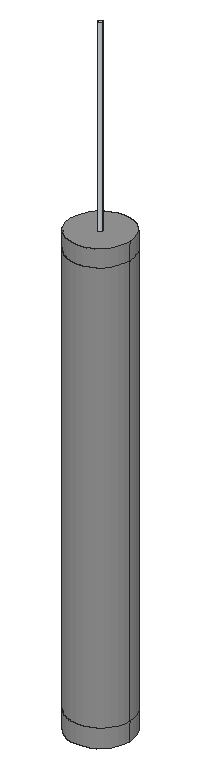
Revit family "LIBRETA_4000K_4400LM_30W_600MM", category Lighting Fixtures, host Ceiling, Revit 2021
Family settings
  Host = Ceiling
  Round Connector Dimension = Use Diameter
  Part Type = Normal
  OmniClass Number = 23.80.70.11
  OmniClass Title = Luminaries for Internal Lighting
  Always vertical = Yes
  Cut with Voids When Loaded = No
  Light Source = Yes
  Shared = No
  Room Calculation Point = No
Parameters (values of type "Type 1")
  Wattage = 29.6213 W
  built-in parameter 1150110 = 1 (stored number, unit not read)
  Type de lampe = "LED Epistar 2835"
  Type = "Suspension tubulaire"
  built-in parameter 1114217 = 1 (stored number, unit not read)
  Tilt Angle = 90.00°
  built-in parameter 1150109 = 1 (stored number, unit not read)
  built-in parameter 1150134 = 12
  built-in parameter 1150113 = 1 (stored number, unit not read)
  SDCM = "<4"
  Puissance nominale = "30W"
  Photometric Web File = "google_eulumdat_converter (11).ies"
  Matériau = "PMMA et embouts en aluminium"
  Maintien du flux = "L80B10 (50 000 heures)"
  Lumens = 4400 lm
  built-in parameter 1150115 = 1 (stored number, unit not read)
  built-in parameter 1150105 = 350.14 (stored number, unit not read)
  built-in parameter 1150137 = (empty or 0)
  built-in parameter 1150139 = (empty or 0)
  built-in parameter 1150112 = 1 (stored number, unit not read)
  built-in parameter 1150114 = 1 (stored number, unit not read)
  built-in parameter 1150132 = 2
  built-in parameter 1150102 = (empty or 0)
  built-in parameter 1150138 = (empty or 0)
  built-in parameter 1150107 = 4000 (stored number, unit not read)
  built-in parameter 1150106 = 3.5014 (stored number, unit not read)
  IRC = ">80"
  built-in parameter 1150104 = 13.8 (stored number, unit not read)
  Durée de vie = "50 000 heures"
  Driver = "Driver Lifud"
  Dimming Lamp Color Temperature Shift = <None>
  Dimensions = "ø 80 mm; H : 600 mm"
  Diffuseur = "Opale"
  Default Elevation = 0 mm
  Color Filter = 16777215
  built-in parameter 1114218 = 1 (stored number, unit not read)
  built-in parameter 1150133 = 10 (stored number, unit not read)
  Angle d'éclairage = "360°"
  Alimentation luminaire = "...mA / .....V"
  Alimentation Driver = "AC 200-240V"
Reference planes
  plane 1 "Light Source Axis (F/B)": y = 0
  plane 2: z = 0
  plane 3 "Light Source Axis (L/R)": x = 0
  plane 4 "Ceiling": z = 4000
  plane 5 "Light Source Elevation": z = 3719.023
Forms (mm)
  Extrusion 1, solid, material "Glass, White, High Luminance"
    sketch origin (0, 0, 4000) x (0, 1, 0) y (-1, 0, 0)
      loop
        circle (0, 0) r 40
    from -272.662 to -825.45
  Extrusion 2, solid, material "Aluminum"
    sketch origin (0, 0, 4000) x (0, 1, 0) y (-1, 0, 0)
      loop
        circle (0, 0) r 40
    from -272.662 to -250
  Extrusion 3, solid, material "Aluminum"
    sketch origin (0, 0, 3420) x (0, 1, 0) y (-1, 0, 0)
      loop
        circle (0, 0) r 40
    from -270 to -245.45
  Extrusion 4, solid
    sketch origin (0, 0, 4000) x (0, 1, 0) y (-1, 0, 0)
      loop
        circle (0, 0) r 2.729
    from -250 to 0
Lines and regions (mm)
  reference lines
    curve 1: line (0, 0, 3750) -> (0, 0, 3150)
Dimensions and locks
  equal spacing: host sketch curve, plane 3 "Light Source Axis (L/R)", host sketch curve
  equal spacing: host sketch curve, plane 1 "Light Source Axis (F/B)", host sketch curve
  host sketch curve to host sketch curve = 4000 mm  (x2)
  plane 4 "Ceiling" to host ceiling = 0 mm
  aligned and locked: plane 1 "Light Source Axis (F/B)" to imposter light
  aligned and locked: plane 5 "Light Source Elevation" to imposter light
